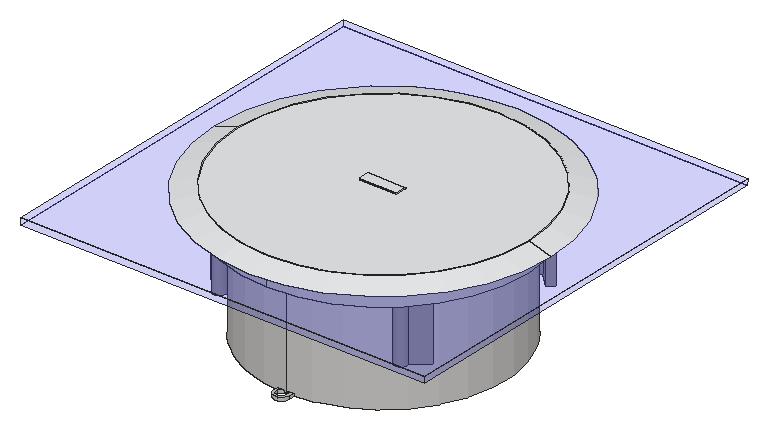
Revit family "AC-C2T-LP", category Communication Devices, host Face, Revit 2017
Family settings
  Host = Face
  Maintain Annotation Orientation = No
  Round Connector Dimension = Use Diameter
  Part Type = Normal
  Cut with Voids When Loaded = No
  Shared = No
  Room Calculation Point = No
Parameters
  enclosure material = White Powder Coated Finish
  Width = Grille Radius Base * 2  # 260 mm
  Weight Product (lb) = 4.2
  Weight Product (kg) = 1.9
  Weight Dimensional (lb) = 13.8
  Weight Dimensional (kg) = 6.3
  URL = "https://www.qsc.com/systems/products/loudspeakers/ceiling-mount-loudspeakers/acousticcoveragetm-series-ceiling-mount/ac-c2t-lp/"
  Sensitivity = 84
  SPL Max = 102
  Product Page URL = "https://www.qsc.com/systems/products/loudspeakers/ceiling-mount-loudspeakers/acousticcoveragetm-series-ceiling-mount/ac-c2t-lp/"
  Product Documentation Link = "https://www.qsc.com/resource-files/productresources/spk/ac/ac-c2t-lp/q_spk_acc_2t-lp_2ddrawing.pdf"
  Model = "AC-C2T-LP"
  Middle Radius = 94.5 mm
  Middle Depth = 17 mm
  Manufacturer URL = "www.qsc.com"
  Manufacturer = "QSC"
  Logo Material [instance] = White Powder Coated Finish
  Impedance = 8
  Grille Radius Extent = 112.5 mm
  Grille Radius Base = 130 mm
  Grille Material [instance] = White Powder Coated Mesh
  Grille Depth = 5 mm
  Enclosure Radius = 114.5 mm
  Enclosure Depth = 78 mm
  Description = "Full-range, Ceiling-mount Loudspeaker"
  Depth = 103.4 mm
  Default Elevation = 0 mm
  Coverage Vertical = 170.00°
  Coverage Horizontal = 170.00°
  70V Taps = "16, 8, 4, 2, 1 W and 8 Ω bypass"
  100V Taps = "16, 8, 4, 2 W and 8 Ω bypass"
Reference planes
  plane 1 "Center (Front/Back)": y = 0
  plane 2: z = 0
  plane 3 "Center (Left/Right)": x = 0
  plane 4 "Grill Extent": z = 5
  plane 5 "Enclosure Extent": z = -95
  plane 6 "Middle Extent": z = -17
  plane 7: z = -98.4
  plane 8: y = 130
  plane 9: y = -130
  plane 10: y = 0
  plane 11: y = 73
  plane 12: x = 73.5
Forms (mm)
  Extrusion 1, solid, material "Glass"
    sketch origin (0, 0, 0) x (1, 0, 0) y (0, 1, 0)
      loop
        line (-150.641, 150.286) -> (-150.641, -162.977) -> (162.649, -162.977) -> (162.649, 150.286) -> (-150.641, 150.286)
    from 0 to -4.997
  Extrusion 2, solid, material "Steel"
    sketch origin (0, 0, -17) x (0, 1, 0) y (-1, 0, 0)
      loop
        circle (0, 0) r 94.5
    from -81.4 to 0
  Blend 3, solid, material "White Powder Coated Finish" <- "enclosure material"
    base sketch origin (0, 0, 0) x (1, 0, 0) y (0, 1, 0)
      loop
        circle (0, 0) r 130
    top sketch origin (0, 0, 0) x (1, 0, 0) y (0, 1, 0)
      loop
        circle (0, 0) r 112.5
    from 0 to 5 <- "Grille Depth"
  Extrusion 4, solid, material "White Powder Coated Finish" <- "Logo Material"
    sketch origin (-182.677, -24.318, 5) x (0, 1, 0) y (-1, 0, 0)
      loop
        arc (28.268, -168.392) -> (28.119, -168.033) -> (27.76, -167.884) r 0.508
        line (27.76, -167.884) -> (20.111, -167.884)
        arc (20.111, -167.884) -> (19.752, -168.033) -> (19.603, -168.392) r 0.508
        line (19.603, -168.392) -> (19.603, -196.527)
        arc (19.603, -196.527) -> (19.752, -196.887) -> (20.111, -197.035) r 0.508
        line (20.111, -197.035) -> (27.76, -197.035)
        arc (27.76, -197.035) -> (28.119, -196.887) -> (28.268, -196.527) r 0.508
        line (28.268, -196.527) -> (28.268, -168.392)
    from 0 to 0.794
  Extrusion 5, solid, material "Default New Material"
    sketch origin (0, 0, 0) x (1, 0, 0) y (0, 1, 0)
      loop
        line (75.449, -70.243) -> (86.055, -59.637) -> (81.476, -55.057) -> (71.228, -65.304)
        arc (71.228, -65.304) -> (66.647, -73.491) -> (75.449, -70.243) r 5
      loop
        arc (-75.449, -70.243) -> (-66.647, -73.491) -> (-71.228, -65.304) r 5
        line (-71.228, -65.304) -> (-81.476, -55.057) -> (-86.055, -59.637) -> (-75.449, -70.243)
      loop
        line (-65.787, 70.243) -> (-55.18, 80.85) -> (-59.76, 85.429) -> (-70.007, 75.182)
        arc (-70.007, 75.182) -> (-74.588, 66.995) -> (-65.787, 70.243) r 5
      loop
        arc (73.424, 73) -> (64.623, 76.248) -> (69.204, 68.061) r 5
        line (69.204, 68.061) -> (79.452, 57.814) -> (84.031, 62.393) -> (73.424, 73)
    from -17 to -63.312
  Extrusion 6, solid, material "Steel"
    sketch origin (0, 0, -17) x (0, 1, 0) y (-1, 0, 0)
      loop
        circle (0, 0) r 112.5
    from 0 to 17 <- "Middle Depth"
  Extrusion 7, void
    sketch origin (0, 0, 0) x (1, 0, 0) y (0, 1, 0)
      loop
        circle (0, 0) r 112.5
    from 0 to 5
  Extrusion 8, solid, material "White Powder Coated Mesh" <- "Grille Material"
    sketch origin (0, 0, 0) x (1, 0, 0) y (0, 1, 0)
      loop
        circle (0, 0) r 112.5
    from 0 to 5
  Extrusion 9, solid, material "Steel"
    sketch origin (0, 0, 0) x (1, 0, 0) y (0, 1, 0)
      loop
        arc (-6, -98.145) -> (0, -104.145) -> (6, -98.145) r 6
        line (6, -98.145) -> (6, -79.676) -> (-6, -79.676) -> (-6, -98.145)
      loop
        circle (0, -98.145) r 4
    from -96.723 to -99.049
  Extrusion 10, solid, material "Steel"
    sketch origin (0, 0, 0) x (1, 0, 0) y (0, 1, 0)
      loop
        line (0, 63) -> (29, 63) -> (29, 89.94)
        arc (29, 89.94) -> (14.678, 93.353) -> (0, 94.5) r 94.5
        arc (0, 94.5) -> (-14.678, 93.353) -> (-29, 89.94) r 94.5
        line (-29, 89.94) -> (-29, 63) -> (0, 63)
    from -95 to -99.653
Cuts and joins
  Extrusion 7 cuts Blend 3
  Extrusion 7 cuts Extrusion 2
  Extrusion 7 cuts Extrusion 6
  joined: Extrusion 2, Extrusion 6, Extrusion 9, Extrusion 10
Lines and regions (mm)
  model lines
    curve 1: line (1.937, -1.546, 5.794) -> (-0.28, 1.374, 5.794)
    curve 2: line (-0.28, 1.374, 5.794) -> (1.937, -1.546, 5.794)
    curve 3: line (-8.315, -1.182, 5.794) -> (-7.478, 1.831, 5.794)
    curve 4: line (-7.478, 1.831, 5.794) -> (-8.315, -1.182, 5.794)
    curve 5: line (-6.916, -3.176, 5.794) -> (-7.541, 2.398, 5.794)
    curve 6: line (-7.541, 2.398, 5.794) -> (-6.916, -3.176, 5.794)
    curve 7: line (4.904, 0.724, 5.794) -> (6.881, -0.728, 5.794)
    curve 8: line (6.881, -0.728, 5.794) -> (4.904, 0.724, 5.794)
Dimensions and locks
  "Grille Depth": plane 4 "Grill Extent" to plane 2
  "Middle Depth": plane 6 "Middle Extent" to plane 2
  "Enclosure Depth": plane 5 "Enclosure Extent" to plane 6 "Middle Extent"
  "Middle Radius": radius of Extrusion 2 sketch curve
  "Grille Radius Base": radius of Blend 3 sketch curve
  "Grille Radius Extent": radius of Blend 3 sketch curve
  "Grille Radius Extent": radius of Extrusion 6 sketch curve
  "Grille Radius Extent": radius of Extrusion 8 sketch curve
  "Grille Radius Extent": radius of Extrusion 7 sketch curve
  aligned and locked: plane 2 to Extrusion 1
  aligned and locked: level to Extrusion 1
  aligned and locked: Blend 3 to plane 2
Automatic sketch dimensions
  plane 1 "Center (Front/Back)" to Extrusion 2 sketch curve = 0 mm
  Extrusion 2 sketch curve to plane 3 "Center (Left/Right)" = 0 mm
  plane 1 "Center (Front/Back)" to Blend 3 sketch curve = 0 mm  (x2)
  Blend 3 sketch curve to plane 3 "Center (Left/Right)" = 0 mm  (x2)
  plane 1 "Center (Front/Back)" to Extrusion 4 sketch curve = 4.714 mm
  Extrusion 4 sketch curve to Extrusion 4 sketch curve = 0.508 mm  (x3)
  Extrusion 4 sketch curve to Extrusion 4 sketch curve = 7.649 mm  (x2)
  plane 3 "Center (Left/Right)" to Extrusion 4 sketch curve = 14.359 mm
  Extrusion 4 sketch curve to Extrusion 4 sketch curve = 28.136 mm
  curve 6 to Extrusion 4 = 1.538 mm
  curve 5 to curve 6 = 0 mm  (x3)
  curve 1 to Extrusion 4 = 3.168 mm
  curve 2 to curve 1 = 0 mm  (x3)
  curve 6 to curve 4 = 1.994 mm
  curve 3 to curve 4 = 0 mm  (x3)
  curve 7 to Extrusion 4 = 3.986 mm
  curve 8 to curve 7 = 0 mm  (x3)
  curve 8 to curve 7 = 1.452 mm
  curve 1 to Extrusion 4 = 2.576 mm
  curve 3 to curve 6 = 0.568 mm
  curve 8 to Extrusion 4 = 7.478 mm
  curve 7 to curve 8 = 0 mm
  curve 8 to curve 7 = 1.976 mm
  curve 7 to curve 2 = 2.968 mm
  curve 1 to curve 2 = 0 mm
  curve 1 to curve 1 = 2.216 mm
  curve 6 to Extrusion 4 = 7.876 mm
  curve 5 to curve 4 = 0.561 mm
  curve 3 to curve 5 = 0.064 mm
  curve 6 to curve 5 = 0 mm
  curve 6 to curve 4 = 1.399 mm
  Extrusion 1 sketch curve to Extrusion 1 sketch curve = 313.29 mm
  Extrusion 1 sketch curve to Extrusion 1 sketch curve = 313.262 mm
  Extrusion 5 sketch curve to plane 3 "Center (Left/Right)" = 86.055 mm
  plane 1 "Center (Front/Back)" to Extrusion 5 sketch curve = 55.057 mm
  Extrusion 5 sketch curve to Extrusion 5 sketch curve = 4.58 mm  (x2)
  Extrusion 5 sketch curve to Extrusion 5 sketch curve = 10.607 mm
  Extrusion 5 sketch curve to Extrusion 5 sketch curve = 4.22 mm
  plane 11 to Extrusion 5 sketch curve = 2.757 mm
  Extrusion 5 sketch curve to plane 3 "Center (Left/Right)" = 70.787 mm
  Extrusion 5 sketch curve to Extrusion 5 sketch curve = 0.78 mm  (x2)
  Extrusion 5 sketch curve to plane 11 = 2.182 mm
  Extrusion 5 sketch curve to plane 11 = 12.429 mm
  Extrusion 5 sketch curve to Extrusion 5 sketch curve = 10.247 mm
  Extrusion 5 sketch curve to plane 12 = 3.051 mm
  Extrusion 5 sketch curve to plane 12 = 2.272 mm
  plane 12 to Extrusion 5 sketch curve = 1.949 mm
  Extrusion 5 sketch curve to plane 12 = 5.076 mm
  plane 11 to Extrusion 5 sketch curve = 4.939 mm
  Extrusion 5 sketch curve to plane 12 = 4.296 mm
  Extrusion 5 sketch curve to plane 11 = 0 mm
  plane 12 to Extrusion 5 sketch curve = 7.976 mm
  plane 12 to Extrusion 5 sketch curve = 5.952 mm
  plane 11 to Extrusion 5 sketch curve = 10.607 mm
  Extrusion 5 sketch curve to plane 9 = 59.757 mm
  plane 1 "Center (Front/Back)" to Extrusion 6 sketch curve = 0 mm
  Extrusion 6 sketch curve to plane 3 "Center (Left/Right)" = 0 mm
  plane 1 "Center (Front/Back)" to Extrusion 7 sketch curve = 0 mm
  Extrusion 7 sketch curve to plane 3 "Center (Left/Right)" = 0 mm
  plane 1 "Center (Front/Back)" to Extrusion 8 sketch curve = 0 mm
  Extrusion 8 sketch curve to plane 3 "Center (Left/Right)" = 0 mm
  Extrusion 9 sketch curve to Extrusion 9 sketch curve = 0 mm  (x2)
  Extrusion 9 sketch curve to plane 3 "Center (Left/Right)" = 0 mm
  Extrusion 9 sketch curve to plane 3 "Center (Left/Right)" = 6 mm
  Extrusion 9 sketch curve to plane 9 = 31.855 mm
  Extrusion 9 sketch curve to Extrusion 9 sketch curve = 18.468 mm
  Extrusion 10 sketch curve to Extrusion 10 sketch curve = 0 mm  (x2)
  plane 1 "Center (Front/Back)" to Extrusion 10 sketch curve = 0 mm
  Extrusion 10 sketch curve to plane 3 "Center (Left/Right)" = 0 mm  (x2)
  plane 11 to Extrusion 10 sketch curve = 10 mm
  Extrusion 10 sketch curve to Extrusion 10 sketch curve = 29 mm  (x2)
  Extrusion 10 sketch curve to plane 11 = 16.94 mm
  radius of Extrusion 9 sketch curve = 4 mm
Connectors
  electrical at (0, 77.23, -95)
    settings: on Extrusion 10, index 1, voltage 0 V, apparent load 0 VA, apparent load phase1 0 VA, apparent load phase2 0 VA, apparent load phase3 0 VA, power factor 1, load classification "Other", number of poles 1, system type 14, power factor state 1, is connector primary yes, connector utility no, sub classification motor no, connector description "Speaker"
